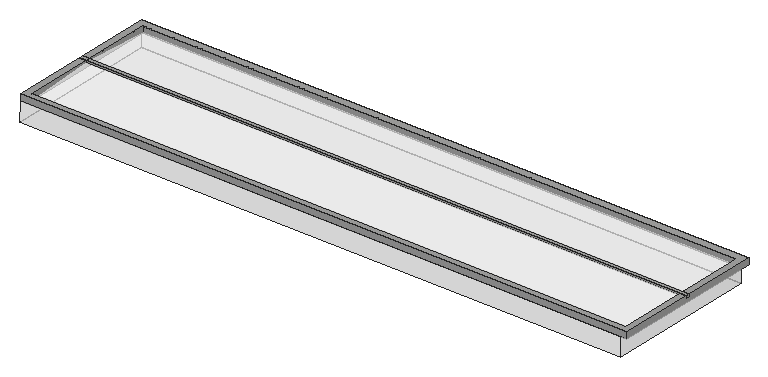
Revit family "VSY14", category Lighting Fixtures, host Face, Revit 2021
Family settings
  Host = Face
  Round Connector Dimension = Use Diameter
  Part Type = Normal
  OmniClass Number = 23.80.70.11
  OmniClass Title = Luminaries for Internal Lighting
  Cut with Voids When Loaded = No
  Light Source = Yes
  Shared = No
  Room Calculation Point = No
Parameters (values of type "VSY14")
  zz Length = Row Length - 1"  # 47"
  Width = 12"
  Wattage = 30 W
  Warranty = "Five-year warranty"  # constant formula
  built-in parameter 1150110 = 1 (stored number, unit not read)
  Voltage = 120 V
  Wattage Comments = "18-61 W"  # constant formula
  URL = "https://www.currentlighting.com/columbia"
  built-in parameter 1114217 = 1 (stored number, unit not read)
  Tilt Angle = -90.00°
  built-in parameter 1150109 = 1 (stored number, unit not read)
  built-in parameter 1150134 = 3
  built-in parameter 1150113 = 1 (stored number, unit not read)
  Product Link = ""
  Product Documentation Link = ""
  Photometric Web File = "VSY14-30HLHE-EDU.ies"
  built-in parameter 1150142 = "IESNA:LM-63-1995\r\n[TEST] 23393\r\n[DATE] 6/7/2019\r\n[MANUFAC] COLUMBIA LIGHTING\r\n[LUMCAT] VSY14-30HLHE-EDU\r\n[LUMINAIRE] Versify™ Architectural Edge Lit, Recessed Architectural\r\n[MORE] 1' x 4' Led with acrylic diffuser\r\n[MORE] Data Scaled from Test# 19.01010\r\n[LAMPCAT] Led\r\n[BALLASTCAT] XI050C140V054BST1\r\n[BALLAST] EDU\r\n[_MOUNTING] Recessed\r\n[_BALLASTFACTOR] 1.00\r\n[_SHIELDING_ANGLE_0] 90\r\n[_SHIELDING_ANGLE_90] 90\r\nTILT=NONE\r\n1 -1 1.0 37 5 1 1 0.87 3.91 0.00\r\n1.00 1 38.46\r\n0.00 2.50 5.00 7.50 10.00 12.50 15.00 17.50 20.00 22.50 25.00 27.50 30.00 32.50\r\n35.00 37.50 40.00 42.50 45.00 47.50 50.00 52.50 55.00 57.50 60.00 62.50 65.00\r\n67.50 70.00 72.50 75.00 77.50 80.00 82.50 85.00 87.50 90.00\r\n0.00 22.50 45.00 67.50 90.00\r\n1887 1881 1873 1861 1844 1822 1795 1762 1725 1685 1639 1589 1534 1477 1416 1353\r\n1286 1219 1150 1081 1010 939 868 795 725 655 586 517 453 387 323 263 203 146 92\r\n42 1\r\n1887 1883 1876 1863 1846 1823 1797 1765 1728 1688 1642 1592 1537 1480 1418 1355\r\n1288 1221 1153 1083 1012 940 869 795 723 651 580 509 441 375 309 247 186 129 76\r\n27 1\r\n1887 1889 1881 1869 1852 1830 1803 1771 1735 1695 1650 1602 1549 1492 1432 1369\r\n1303 1235 1164 1092 1018 943 867 792 717 644 572 502 433 366 301 237 177 120 67\r\n22 1\r\n1887 1883 1876 1863 1847 1825 1799 1768 1732 1693 1650 1603 1552 1496 1438 1375\r\n1307 1238 1166 1093 1019 944 868 792 715 640 567 495 426 358 292 228 168 111 59\r\n21 1\r\n1887 1884 1877 1865 1849 1826 1801 1770 1736 1699 1656 1610 1560 1505 1445 1382\r\n1315 1244 1173 1101 1025 950 874 797 721 645 571 499 429 361 294 230 170 111 59\r\n21 1\r\n"
  Model = "VSY14"  # constant formula
  Manufacturer = "Columbia Lighting"  # constant formula
  Row Length = 48"
  built-in parameter 1150105 = 334.23 (stored number, unit not read)
  Lumens = 4200 lm
  built-in parameter 1150115 = 1 (stored number, unit not read)
  Load Classification = Lighting
  built-in parameter 1150137 = (empty or 0)
  built-in parameter 1150139 = (empty or 0)
  built-in parameter 1150112 = 1 (stored number, unit not read)
  built-in parameter 1150114 = 1 (stored number, unit not read)
  Lamp = "LED lamp"  # constant formula
  Light Bulb = White Glass
  built-in parameter 1150132 = (empty or 0)
  built-in parameter 1150102 = (empty or 0)
  built-in parameter 1150107 = 3200 (stored number, unit not read)
  built-in parameter 1150138 = (empty or 0)
  built-in parameter 1150106 = 3.3423 (stored number, unit not read)
  Frame = Paint Gray Smooth
  Features = "Architectural styling in an edge-lit luminaire\r\n• High efficiency acrylic lens featuring edge lit technology\r\n• Ideal for offices, schools, medical, and public spaces\r\n• Up to 141 lumens per watt\r\n• Stylish controls integration\r\n• 2inch overall depth, 2 1/4inch with emergency battery pack\r\n• Certified UL924 for fixtures with battery or DTS (Dimming Bypass\r\nModule) options"  # constant formula
  Emit from Rectangle Width = Width  # 12"
  Emit from Rectangle Length = Row Length  # 48"
  Emit Shape Visible in Rendering = no
  built-in parameter 1150104 = 13.006 (stored number, unit not read)
  Dimming Lamp Color Temperature Shift = <None>
  Description = "VERSIFY™ 1'X4' ARCHITECTURAL EDGE-LIT"  # constant formula
  Default Elevation = 48"
  Contact us = ""
  Color Filter = 16777215
  Certification = "• IC label is standard for recessed products\r\n• All luminaires are built to UL1598 and\r\n2108 standards, and bear appropriate\r\ncCSAus labels\r\n• Damp Location label standard. Emergencyequipped fixtures labeled UL 924\r\n• Adheres to LM79, LM80, and TM21\r\nindustry standards"
  built-in parameter 1114218 = 1 (stored number, unit not read)
  Backbox = White
  built-in parameter 1150133 = 10 (stored number, unit not read)
  Apparent Load = 0 VA
Reference planes (in)
  plane 1 "Center (Front/Back)": y = 0.03999
  plane 2: z = 0
  plane 3 "Center (Left/Right)": x = 1.66944
  plane 4: x = -22.33056
  plane 5: x = 25.66944
  plane 6: z = -2
  plane 7: y = -5.96001
  plane 8: y = 6.03999
  plane 9: z = 0.125
Forms (in)
  Extrusion 1, void
    sketch origin (0, 0.03999, 0) x (1, 0, 0) y (0, 0, 1)
      loop
        line (-22.33056, 0) -> (-22.33056, -2) -> (25.66944, -2) -> (25.66944, 0) -> (-22.33056, 0)
    from -6 to 6
  Sweep 2, solid, material "Paint Gray Smooth" <- "Frame"
    path origin (0, 0, 0) x (1, 0, 0) y (0, 1, 0)
      loop
        line (-22.33056, 6.03999) -> (-22.33056, -5.96001) -> (25.66944, -5.96001) -> (25.66944, 6.03999) -> (-22.33056, 6.03999)
    profile origin (1.66944, 6.03999, 0) x (0, 1, 0) y (0, 0, 1)
      loop
        line (0, 0) -> (-0.5, 0) -> (-0.5, -0.5) -> (0, -0.5) -> (0, 0)
  Sweep 3, solid, material "Paint Gray Smooth" <- "Frame"
    path origin (0, 0, 0) x (1, 0, 0) y (0, 1, 0)
      loop
        line (-22.33056, 0.03999) -> (25.66944, 0.03999)
    profile origin (1.66944, 0.03999, 0) x (0, 1, 0) y (0, 0, 1)
      loop
        line (0.14533, 0) -> (-0.125, 0) -> (-0.125, -0.17867) -> (0.14533, -0.17867) -> (0.14533, 0)
  Extrusion 4, solid, material "White Glass" <- "Light Bulb"
    sketch origin (1.66944, 0, 0) x (0, 1, 0) y (0, 0, 1)
      loop
        line (6.03999, -2) -> (6.03999, -0.5) -> (0.14954, -0.13468) -> (-0.05423, -0.13468) -> (-5.96001, -0.5) -> (-5.96001, -2) -> (6.03999, -2)
    from -24 to 23.5
Dimensions and locks (in)
  equal spacing: plane 5, plane 3 "Center (Left/Right)", plane 4
  "Row Length": plane 5 to plane 4
  equal spacing: plane 7, plane 1 "Center (Front/Back)", plane 8
  "Width": plane 7 to plane 8
  plane 9 to plane 2 = 1/8"
  plane 9 to plane 6 = 2 1/8"
  plane 4 to plane 5 = 48"
  aligned and locked: plane 2 to host face
  aligned and locked: level to host face
  aligned and locked: Extrusion 1 sketch curve to level
  aligned and locked: plane 4 to Extrusion 1 sketch curve
  aligned and locked: Extrusion 1 sketch curve to plane 5
  aligned and locked: plane 6 to Extrusion 1 sketch curve
  aligned and locked: Extrusion 1 to plane 8
  aligned and locked: Extrusion 1 to plane 7
  aligned and locked: plane 8 to Sweep 2 sketch curve
  aligned and locked: plane 4 to Sweep 2 sketch curve
  aligned and locked: plane 7 to Sweep 2 sketch curve
  aligned and locked: Sweep 2 sketch curve to plane 5
  aligned and locked: Extrusion 4 to plane 4
  aligned and locked: plane 5 to Sweep 2
  aligned and locked: Extrusion 4 to Sweep 2
Automatic sketch dimensions
  host sketch curve to host sketch curve = 96"  (x2)
  Sweep 2 sketch curve to level = 0"
  Sweep 2 sketch curve to profile plane = 0"
  profile plane to Sweep 2 sketch curve = 1/2"
  Sweep 2 sketch curve to Sweep 2 sketch curve = 1/2"
  plane 1 "Center (Front/Back)" to Sweep 3 sketch curve = 0"
  Sweep 3 sketch curve to plane 4 = 0"
  Sweep 3 sketch curve to plane 5 = 0"
  Extrusion 4 sketch curve to plane 7 = 0"
  Extrusion 4 sketch curve to plane 8 = 0"
  Extrusion 4 sketch curve to plane 6 = 0"
  plane 1 "Center (Front/Back)" to Extrusion 4 sketch curve = 0.09422"
  Extrusion 4 sketch curve to plane 1 "Center (Front/Back)" = 0.10955"
  Extrusion 4 sketch curve to level = 1/2"  (x2)
  Extrusion 4 sketch curve to level = 0.13468"
  Sweep 3 sketch curve to level = 0"
  profile plane to Sweep 3 sketch curve = 1/8"
  Sweep 3 sketch curve to profile plane = 0.14533"
  Sweep 3 sketch curve to level = 0.17867"
Connectors (in)
  electrical at (1.66944, 0.03999, -0.5)
    settings: on Sweep 2, index 1, voltage 0 V, apparent load 0 VA, apparent load phase1 0 VA, apparent load phase2 0 VA, apparent load phase3 0 VA, power factor 1, load classification "Other", number of poles 1, system type 30, power factor state 1, is connector primary yes, connector utility no, sub classification motor no, connector description "Lighting Connector"
